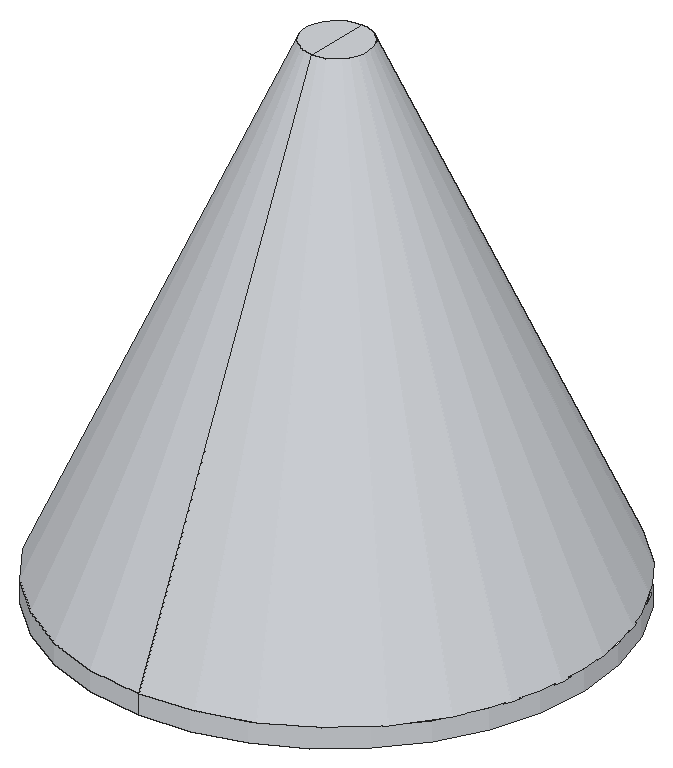
Revit family "E_FF109 Downlighter Cover(150,200,250mm)", category Specialty Equipment, Revit 2015
Parameters (values of type "250x250mm")
  Youtube Clip = "https://www.youtube.com/watch?v=zkX8zNgILX4"
  Width = 150 mm
  Wall Thickness = 9 mm
  URL = "https://www.tenmat.com/passive-fire-protection/"
  Tenmat Item Number = "I109MC01000250025002"
  Radius = 130 mm
  Performance = "BS EN 1366-3:2009 & BS 476, ETA-12/0332, 1224-CPR-0341, CE Marked"
  Material/Grade = "Firefly 109"
  Manufacturer = "Tenmat ltd"
  Length = 150 mm
  IFC Classification = "Building Element Proxy"
  Description = "Firefly 109 250x250mm Downlighter Cover"
  Height = 260 mm
  Cut-Out Size = "100-140mm"
Types (3, lengths in mm): name | Wall Thickness | Tenmat Item Number | Radius | Description | Height | Cut-Out Size
  150x150mm | 8 | "I109MC01000150015004\r\nI109MC01000150015004\r\nI109MC01000150015004\r\nI109MC01000150015004" | 75 | "Firefly 109 150x150mm Downlighter Cover" | 160 | "50-75mm"
  200x200mm | 8 | "I109MC01000200020003" | 100 | "Firefly 109 200x200mm Downlighter Cover" | 210 | "75-100mm"
  250x250mm | 9 | "I109MC01000250025002" | 130 | "Firefly 109 250x250mm Downlighter Cover" | 260 | "100-140mm"
Reference planes
  plane 1 "Center (Front/Back)": y = 0
  plane 2: z = 0
  plane 3 "Center (Left/Right)": x = 0
  plane 4: z = 10
  plane 5: y = -7.235
  plane 6: y = -16.235
  plane 7: y = -121
  plane 8: y = -130
  plane 9: z = 260
  plane 10: z = 257.81
Forms (mm)
  Revolve 1, solid
    sketch origin (0, 0, 0) x (0, 1, 0) y (0, 0, 1)
      loop
        line (0, 260) -> (-16.235, 260) -> (-130, 10) -> (-130, 0) -> (-121, 0) -> (-121, 10) -> (-7.235, 257.81) -> (0, 257.81) -> (0, 260)
      axis (0, 260) -> (0, 0)
    angle from 0 to 360
Dimensions and locks
  "Wall Thickness": plane 7 to plane 8
  "Wall Thickness": plane 5 to plane 6
  "Height": plane 9 to plane 2
  locked: plane 9 to plane 10 at 2.19
  "Radius": plane 1 "Center (Front/Back)" to plane 8
  aligned and locked: level to plane 2
  aligned and locked: plane 6 to Revolve 1 sketch curve
  aligned and locked: plane 5 to Revolve 1 sketch curve
  aligned and locked: plane 8 to Revolve 1 sketch curve
  aligned and locked: plane 9 to Revolve 1 sketch curve
  aligned and locked: Revolve 1 sketch curve to plane 10
Automatic sketch dimensions
  Revolve 1 sketch curve to level = 0 mm
  Revolve 1 sketch curve to plane 7 = 0 mm
  Revolve 1 sketch curve to plane 1 "Center (Front/Back)" = 0 mm  (x2)
  Revolve 1 sketch curve to plane 4 = 0 mm  (x2)
  plane 4 to Revolve 1 sketch curve = 12.81 mm
  Revolve 1 sketch curve to plane 10 = 5 mm
